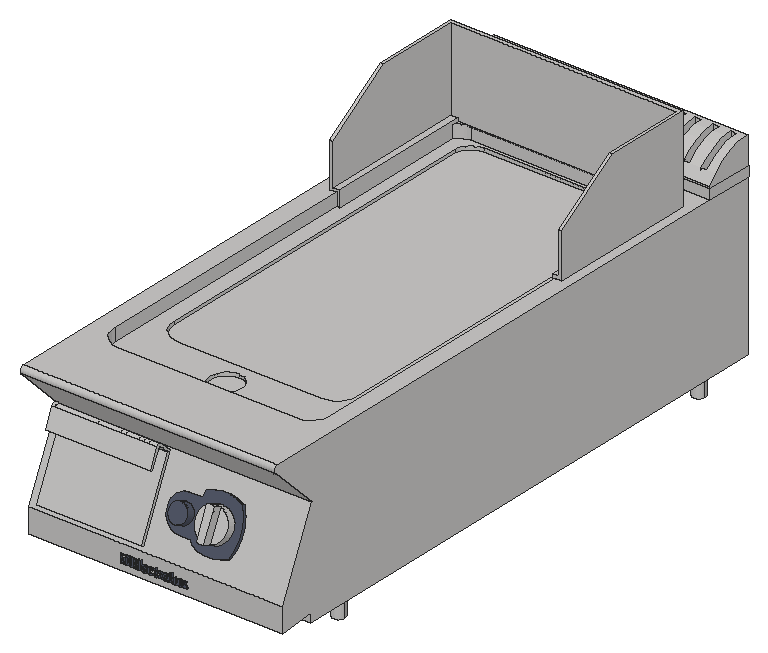
Revit family "QF_ELECTROLUXPROFESSIONAL_391354_E9IILAAOMCA", category Specialty Equipment, Revit 2018 (continued)
Automatic sketch dimensions
  Extrusion 20 sketch curve to plane 11 = 19.089 mm
  Extrusion 21 sketch curve to plane 7 "Center Y" = 9.346 mm
  Extrusion 21 sketch curve to Extrusion 21 sketch curve = 9.296 mm
  plane 1 "BACK" to Extrusion 21 sketch curve = 6.761 mm
  Extrusion 21 sketch curve to plane 11 = 19.089 mm
  plane 1 "BACK" to Extrusion 22 sketch curve = 6.761 mm
  plane 12 to Extrusion 22 sketch curve = 17.43 mm
  Extrusion 22 sketch curve to Extrusion 22 sketch curve = 9.296 mm
  Extrusion 22 sketch curve to plane 11 = 19.089 mm
  Extrusion 23 sketch curve to plane 12 = 10.559 mm
  Extrusion 23 sketch curve to plane 12 = 1.263 mm
  plane 1 "BACK" to Extrusion 23 sketch curve = 6.761 mm
  Extrusion 23 sketch curve to plane 11 = 19.089 mm
  plane 1 "BACK" to Extrusion 24 sketch curve = 6.761 mm
  plane 7 "Center Y" to Extrusion 24 sketch curve = 50.737 mm
  Extrusion 24 sketch curve to Extrusion 24 sketch curve = 9.296 mm
  Extrusion 24 sketch curve to plane 11 = 19.089 mm
  plane 1 "BACK" to Extrusion 25 sketch curve = 6.761 mm
  plane 12 to Extrusion 25 sketch curve = 69.275 mm
  Extrusion 25 sketch curve to Extrusion 25 sketch curve = 9.296 mm
  Extrusion 25 sketch curve to plane 11 = 19.089 mm
  plane 1 "BACK" to Extrusion 26 sketch curve = 6.761 mm
  plane 12 to Extrusion 26 sketch curve = 41.311 mm
  Extrusion 26 sketch curve to Extrusion 26 sketch curve = 9.296 mm
  Extrusion 26 sketch curve to plane 11 = 19.089 mm
  plane 1 "BACK" to Extrusion 27 sketch curve = 6.761 mm
  plane 7 "Center Y" to Extrusion 27 sketch curve = 22.749 mm
  Extrusion 27 sketch curve to Extrusion 27 sketch curve = 9.296 mm
  Extrusion 27 sketch curve to plane 11 = 19.089 mm
  Split face 1 sketch curve to Split face 1 sketch curve = 11.575 mm
  Split face 1 sketch curve to Split face 1 sketch curve = 2 mm
  Extrusion 30 sketch curve to Extrusion 2 = 0 mm  (x2)
  Extrusion 2 to Extrusion 30 sketch curve = 5 mm  (x2)
  Extrusion 2 to Extrusion 30 sketch curve = 15 mm
  Extrusion 30 sketch curve to Extrusion 30 sketch curve = 130 mm  (x2)
  Extrusion 2 to Extrusion 30 sketch curve = 20 mm
  Extrusion 30 sketch curve to Extrusion 2 = 19.6 mm  (x2)
  Extrusion 30 sketch curve to Extrusion 30 sketch curve = 5 mm  (x5)
  Extrusion 30 sketch curve to Extrusion 30 sketch curve = 15 mm
  Extrusion 31 sketch curve to Extrusion 30 = 0 mm  (x2)
  Extrusion 31 sketch curve to Extrusion 30 = 65 mm
  Extrusion 31 sketch curve to Extrusion 30 = 100.091 mm
  Extrusion 32 sketch curve to Extrusion 30 = 0 mm
  Extrusion 30 to Extrusion 32 sketch curve = 0 mm
  Extrusion 30 to Extrusion 32 sketch curve = 65 mm
  Extrusion 30 to Extrusion 32 sketch curve = 100.091 mm
  Extrusion 33 sketch curve to Extrusion 30 = 0 mm  (x4)
  plane 1 "BACK" to curve 16 = 0 mm
  plane 16 to curve 86 = 0 mm
  curve 81 to plane 12 = 0 mm
  plane 16 to curve 76 = 0 mm
  curve 11 to plane 3 "LEFT" = 0 mm
  curve 4 to plane 3 "LEFT" = 0 mm
  curve 66 to plane 12 = 1.263 mm
  curve 66 to curve 66 = 9.296 mm
  curve 86 to plane 12 = 22.05 mm
  curve 10 to plane 10 = 1.851 mm
  curve 10 to plane 4 "RIGHT" = 24.95 mm
  curve 70 to curve 65 = 18.693 mm
  curve 74 to plane 4 "RIGHT" = 14.95 mm
  curve 70 to curve 70 = 9.296 mm
  plane 4 "RIGHT" to curve 4 = 0.05 mm
  plane 4 "RIGHT" to curve 11 = 0.05 mm
  plane 4 "RIGHT" to curve 3 = 100.069 mm
  plane 12 to curve 9 = 3.686 mm
  plane 1 "BACK" to curve 64 = 6.761 mm
  plane 12 to curve 64 = 17.43 mm
  plane 12 to curve 79 = 25.4 mm
  curve 61 to curve 64 = 9.296 mm
  plane 12 to curve 82 = 30.736 mm
  plane 1 "BACK" to curve 60 = 6.761 mm
  curve 63 to curve 60 = 14.586 mm
  curve 57 to curve 59 = 9.296 mm
  plane 1 "BACK" to curve 56 = 6.761 mm
  curve 59 to curve 56 = 18.668 mm
  curve 53 to curve 55 = 9.296 mm
  plane 1 "BACK" to curve 52 = 6.761 mm
  curve 55 to curve 52 = 18.693 mm
  curve 49 to curve 51 = 9.296 mm
  plane 1 "BACK" to curve 48 = 6.761 mm
  curve 51 to curve 48 = 18.693 mm
  curve 45 to curve 48 = 9.296 mm
  curve 41 to plane 7 "Center Y" = 9.346 mm
  curve 41 to curve 43 = 9.296 mm
  curve 15 to plane 7 "Center Y" = 22.2 mm
  plane 1 "BACK" to curve 37 = 6.761 mm
  curve 43 to curve 37 = 18.693 mm
  curve 37 to curve 38 = 9.296 mm
  plane 1 "BACK" to curve 36 = 6.761 mm
  curve 39 to curve 36 = 18.693 mm
  curve 33 to curve 35 = 9.296 mm
  plane 1 "BACK" to curve 29 = 6.761 mm
  curve 35 to curve 29 = 18.693 mm
  curve 29 to curve 32 = 9.296 mm
  curve 83 to plane 10 = 56.115 mm
  plane 3 "LEFT" to curve 83 = 92.523 mm
  plane 3 "LEFT" to curve 78 = 80.4 mm
  curve 30 to curve 25 = 18.668 mm
  curve 25 to curve 27 = 9.296 mm
  plane 3 "LEFT" to curve 12 = 67.523 mm
  curve 78 to curve 85 = 25.4 mm
  plane 1 "BACK" to curve 21 = 6.761 mm
  curve 27 to curve 21 = 18.693 mm
  curve 21 to curve 23 = 9.296 mm
  plane 3 "LEFT" to curve 76 = 35 mm
  curve 8 to plane 10 = 8.638 mm
  plane 1 "BACK" to curve 17 = 6.761 mm
  curve 23 to curve 17 = 18.693 mm
  plane 3 "LEFT" to curve 73 = 20 mm
  curve 17 to curve 19 = 9.296 mm
  plane 5 "FRONT" to curve 13 = 0.25 mm
  curve 13 to curve 5 = 12.7 mm
  curve 1 to plane 3 "LEFT" = 100.019 mm
  curve 1 to plane 1 "BACK" = 100.019 mm
  plane 1 "BACK" to curve 68 = 6.761 mm
  plane 1 "BACK" to curve 69 = 6.761 mm
  plane 1 "BACK" to curve 44 = 6.761 mm
  plane 1 "BACK" to curve 25 = 6.761 mm
  curve 31 to plane 11 = 19.089 mm
  curve 33 to plane 11 = 19.089 mm
  curve 27 to plane 11 = 19.089 mm
  curve 37 to plane 11 = 19.089 mm
  curve 23 to plane 11 = 19.089 mm
  curve 41 to plane 11 = 19.089 mm
  curve 19 to plane 11 = 19.089 mm
  curve 45 to plane 11 = 19.089 mm
  curve 62 to plane 11 = 19.089 mm
  curve 49 to plane 11 = 19.089 mm
  curve 65 to plane 11 = 19.089 mm
  curve 65 to curve 71 = 0 mm
  curve 53 to plane 11 = 19.089 mm
  curve 57 to curve 62 = 0 mm
  curve 4 to plane 11 = 7.988 mm
  plane 11 to curve 74 = 27 mm
  plane 11 to curve 79 = 37.362 mm
  curve 15 to curve 15 = 114.75 mm
  curve 1 to plane 13 = 115 mm
  curve 3 to plane 13 = 115 mm
  curve 75 to curve 87 = 5 mm
  curve 89 to curve 73 = 5 mm
  curve 73 to curve 89 = 5 mm
  Extrusion 3 sketch curve to plane 10 = 1.851 mm
  Extrusion 3 sketch curve to plane 4 "RIGHT" = 24.95 mm
  Extrusion 3 sketch curve to plane 12 = 1.65 mm
  plane 12 to Extrusion 3 sketch curve = 3.686 mm
  Extrusion 3 sketch curve to plane 10 = 8.638 mm
  plane 3 "LEFT" to Extrusion 3 sketch curve = 67.523 mm
  Extrusion 3 sketch curve to Extrusion 3 sketch curve = 25.4 mm
  plane 11 to Extrusion 3 sketch curve = 57.4 mm
  curve 91 to plane 12 = 1.65 mm
  curve 92 to curve 88 = 20.4 mm
  curve 92 to curve 92 = 20.4 mm
  curve 74 to curve 86 = 5 mm
  curve 92 to curve 78 = 5.362 mm
  curve 91 to curve 86 = 0 mm
  curve 86 to curve 91 = 10.267 mm
  curve 88 to curve 92 = 10.267 mm
  Extrusion 28 sketch curve to Extrusion 3 = 5.362 mm
  Extrusion 28 sketch curve to Extrusion 28 sketch curve = 25.4 mm
  Extrusion 28 sketch curve to Extrusion 3 = 30.762 mm
  Extrusion 28 sketch curve to Extrusion 3 = 25 mm
  Extrusion 28 sketch curve to Extrusion 3 = 122.523 mm
  Extrusion 28 sketch curve to Extrusion 3 = 27.05 mm
  Extrusion 28 sketch curve to Extrusion 3 = 115.736 mm
  Extrusion 28 sketch curve to Extrusion 28 sketch curve = 37.523 mm
  Extrusion 28 sketch curve to Extrusion 28 sketch curve = 107.477 mm
  curve 93 to curve 94 = 0 mm  (x2)
  curve 94 to plane 7 "Center Y" = 0 mm
  curve 94 to plane 10 = 41 mm
  curve 94 to plane 10 = 16 mm
  radius of Extrusion 4 sketch curve = 9.525 mm  (x4)
  radius of Extrusion 6 sketch curve = 25.4 mm
  radius of Extrusion 7 sketch curve to Extrusion 6 = 0 mm  (x2)
  radius of Extrusion 11 sketch curve = 6.4 mm
  radius of Extrusion 29 sketch curve = 15 mm
  radius of Extrusion 28 sketch curve = 25 mm
Connectors
  piping at (348.05, -666, 6), diameter 12.8
    settings: on Extrusion 11, index 1, connector inside diameter 0.50394", connector length 0 mm, flow factor 0, pipe flow 0 GPM, pressure drop 0.00 psi, fitting loss kfactor 0, connector angle 0.00°, fixture units 0, engagement length 0 mm, angle of deflection 0.00°, flow configuration 1, flow direction 1, fitting loss method 0, system type 7, joint type 0, gender type 0, connector reference index -1, connector utility 0, adjustable connector no, is connector primary yes, connector description "GAS CONNECTION"
